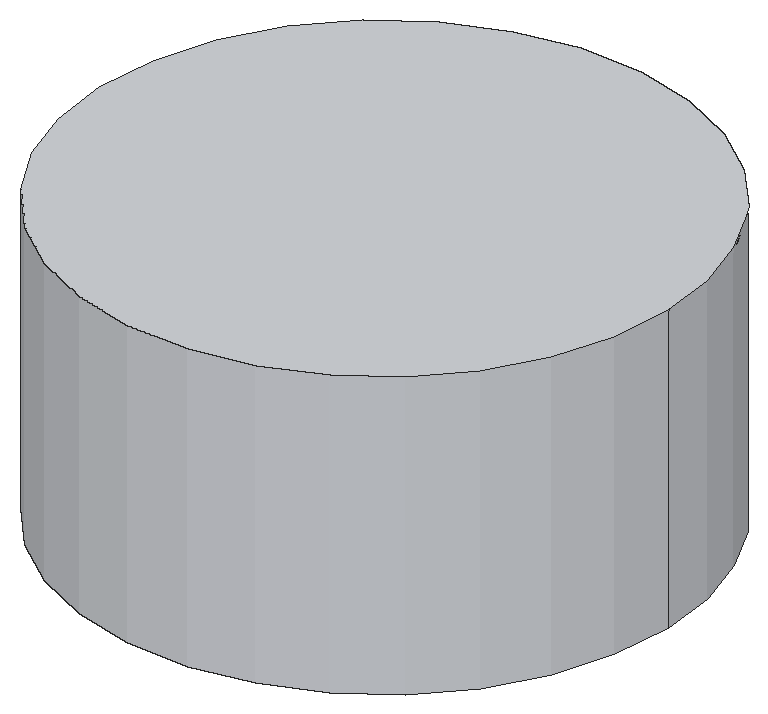
Revit family "E338.1", category Plumbing Fixtures, Revit 2021
Family settings
  Round Connector Dimension = Use Diameter
  Part Type = Normal
  OmniClass Number = 23.45.05.14.14
  OmniClass Title = Sinks/Lavatories
  Work Plane-Based = No
  Always vertical = Yes
  Cut with Voids When Loaded = No
  Shared = No
  Room Calculation Point = No
Parameters (values of type "Standard")
  Waste Connection = no
  Vent Connection = no
  URL = "www.fvandina.com"
  Title = "Lavabo Vernet"
  Tipo de instalación = "A la pared"
  Teléfono de contacto = "FV Responde 1800 38 38 38"
  Presión = "60 PSI"
  Part Number = "E338.1"
  Model = "E338.1"
  Material = "Porcelana vítrea"
  Manufacturer = "FV – ÁREA ANDINA S.A."
  Instalación = "https://fvandina.com/producto/1525-lavabo-vernet/"
  HW Connection = no
  Garantía = "GARANTÍA TOTAL FV - DETALLES EN PÁGINA WEB"
  Dirección fabricante = "KM 25, VÍA SANGOLQUÍ AMAGUAÑA - PICHINCHA - ECUADOR"
  Description = "Lavabo Vernet"
  Default Elevation = 0 mm
  Cota largo = "390 mm"
  Cota ancho = "390 mm"
  Cota alto = "135 mm"
  Consumo agua grifería = "N/A"
  Connector_1_Diameter = 44 mm
  Conexión hidráulica = "Entrada de agua: tubería Ø½"
  Company = "FV - GRIFERÍA, SANITARIOS, COMPLEMENTOS"
  Certificación = "INEN"
  Catalog web link = "https://fvandina.com/producto/1525-lavabo-vernet/"
  CW Connection = yes
  Acabado = "Blanco"
Reference planes
  plane 1 "Center (Front/Back)": y = 0
  plane 2: z = 0
  plane 3 "Center (Left/Right)": x = 0
Forms (mm)
  Extrusion 1, solid
    sketch origin (0, -195, 4.5) x (0, 1, 0) y (1, 0, 0)
      loop
        circle (0, 0) r 3.048
    from 0 to -3.048
Dimensions and locks
  aligned and locked: level to plane 2
Connectors
  piping at (0, -195, 4.5), diameter 44, driven by "Connector_1_Diameter"
    settings: on Extrusion 1, index 1, connector inside diameter 609.6 mm, connector length 0 mm, flow factor 0, pipe flow 0.0 L/s, pressure drop 0.0 Pa, fitting loss kfactor 0, connector angle 0.00°, fixture units 0, engagement length 0 mm, angle of deflection 0.00°, flow configuration 1, flow direction 2, fitting loss method 0, system type 20, joint type 0, gender type 0, connector reference index -1, connector utility 0, adjustable connector no, is connector primary yes, connector description ""
